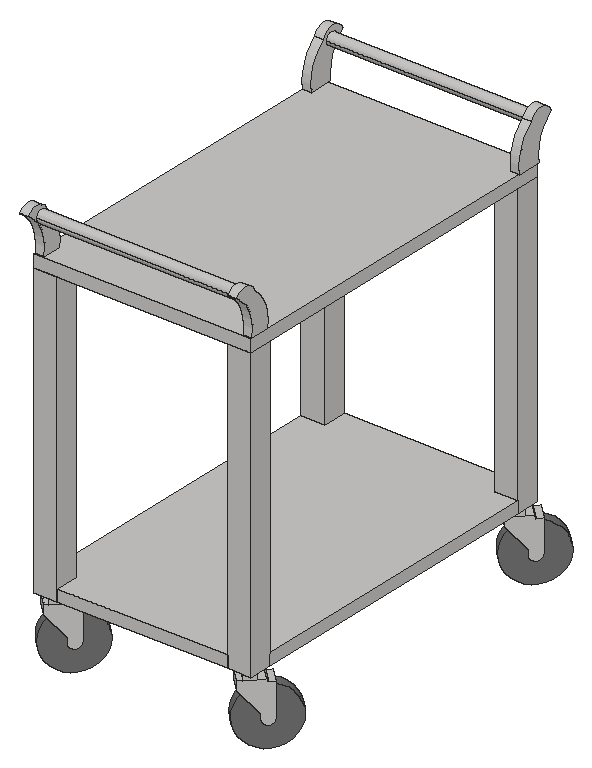
Revit family "QF_Vollrath_97101", category Specialty Equipment, Revit 2016
Family settings
  Part Type = Normal
  Round Connector Dimension = Use Diameter
  OmniClass Number = 23.40.40.14.17
  OmniClass Title = Food Cooking Equipment
  Work Plane-Based = No
  Always vertical = Yes
  Cut with Voids When Loaded = No
  Shared = No
  Room Calculation Point = No
Parameters (values of type "97101")
  Width [instance] = 18.51"
  Weight in Pounds = 38
  Watermarked By = "http://revitwatermark.com"
  URL Cutsheet = ""
  URL = ""
  Status [instance] = ""
  Specification by User [instance] = ""
  Specification by Manufacturer [instance] = ""
  Serial Number [instance] = ""
  Seismic Rating [instance] = ""
  Revision Code [instance] = ""
  NAFEM Spec ID Number [instance] = ""
  Model = "97101"
  Masterspec = ""
  Manufacturer = "Vollrath"
  Item Number [instance] = "-"
  Installed By [instance] = ""
  Identify Quantity as Lot [instance] = no
  Furnished By [instance] = ""
  Foodservice Equipment Identifier [instance] = yes
  Description = "Cart, Utility"
  Depth [instance] = 39.25"
  CSI MasterFormat = "11 48 13"
  Assembly Code = "E1090320"
Reference planes (in)
  plane 1 "BACK": y = -4.62
  plane 2: z = 0
  plane 3 "LEFT": x = 0
  plane 4 "RIGHT": x = 18.51
  plane 5 "FRONT": y = -35.12
  plane 6: z = 6
  plane 7: z = 7
  plane 8: x = 2
  plane 9: y = -6.62
  plane 10: x = 16.51
  plane 11: y = -33.12
  plane 12: y = -19.87
  plane 13 "TOP": z = 36
  plane 14: x = 0.75
  plane 15: y = -3.15217
  plane 16: y = -36.58783
Forms (in)
  Extrusion 1, solid, material "QF_Finishes_Stainless Steel"
    sketch origin (0, 0, 41.59405) x (-1, 0, 0) y (0, -1, 0)
      loop
        line (0, 4.62) -> (0, 35.12) -> (-18.51, 35.12) -> (-18.51, 4.62) -> (0, 4.62)
    from -10.77 to -9.75
  Extrusion 2, solid, material "QF_Finishes_Stainless Steel"
    sketch origin (0, 0, 16.75) x (-1, 0, 0) y (0, -1, 0)
      loop
        line (0, 4.62) -> (0, 6.62) -> (-2, 6.62) -> (-2, 4.62) -> (0, 4.62)
      loop
        line (-16.51, 4.62) -> (-16.51, 6.62) -> (-18.51, 6.62) -> (-18.51, 4.62) -> (-16.51, 4.62)
      loop
        line (-16.51, 33.12) -> (-16.51, 35.12) -> (-18.51, 35.12) -> (-18.51, 33.12) -> (-16.51, 33.12)
      loop
        line (0, 33.12) -> (0, 35.12) -> (-2, 35.12) -> (-2, 33.12) -> (0, 33.12)
    from -10.75 to 14.07405
  Extrusion 3, solid, material "QF_Finishes_Stainless Steel"
    sketch origin (0, 0, 16.75) x (-1, 0, 0) y (0, -1, 0)
      loop
        line (-2, 4.62) -> (-2, 6.62) -> (0, 6.62) -> (0, 33.12) -> (-2, 33.12) -> (-2, 35.12) -> (-16.51, 35.12) -> (-16.51, 33.12) -> (-18.51, 33.12) -> (-18.51, 6.62) -> (-16.51, 6.62) -> (-16.51, 4.62) -> (-2, 4.62)
    from -10.75 to -9.75
  Extrusion 4, solid, material "QF_Finishes_Stainless Steel"
    sketch origin (0, 0.16, -0.17595) x (0, 1, 0) y (0, 0, 1)
      loop
        arc (-4.62, 32.02) -> (-4.43442, 33.935) -> (-3.31217, 35.49776) r 3.69906
        arc (-3.31217, 35.49776) -> (-4.31217, 36.17595) -> (-5.31217, 35.49776) r 1.07635
        arc (-5.31217, 35.49776) -> (-6.43442, 33.935) -> (-6.62, 32.02) r 3.69906
        line (-6.62, 32.02) -> (-4.62, 32.02)
    from 0 to 0.75294
  Extrusion 5, solid, material "QF_Finishes_Stainless Steel"
    sketch origin (17.75706, 0.16, -0.17595) x (0, 1, 0) y (0, 0, 1)
      loop
        arc (-4.62, 32.02) -> (-4.43442, 33.935) -> (-3.31217, 35.49776) r 3.69906
        arc (-3.31217, 35.49776) -> (-4.31217, 36.17595) -> (-5.31217, 35.49776) r 1.07635
        arc (-5.31217, 35.49776) -> (-6.43442, 33.935) -> (-6.62, 32.02) r 3.69906
        line (-6.62, 32.02) -> (-4.62, 32.02)
    from 0 to 0.75294
  Extrusion 6, solid, material "QF_Finishes_Stainless Steel"
    sketch origin (0, 0, 0) x (0, 1, 0) y (0, 0, 1)
      loop
        circle (-4.42092, 35.15325) r 0.5
    from 0.75294 to 17.75706
  Extrusion 7, solid, material "QF_Finishes_Stainless Steel"
    sketch origin (0, -42.9775, -0.17595) x (0, -1, 0) y (0, 0, -1)
      loop
        line (-8.03569, -32.02) -> (-9.58733, -32.02)
        arc (-9.58733, -32.02) -> (-9.40671, -33.97085) -> (-8.26275, -35.56138) r 3.73203
        arc (-8.26275, -35.56138) -> (-7.38394, -36.24622) -> (-6.38966, -35.74351) r 1.04036
        arc (-6.38966, -35.74351) -> (-7.771, -34.12857) -> (-8.03569, -32.02) r 3.69906
    from 0 to 0.75294
  Extrusion 8, solid, material "QF_Finishes_Stainless Steel"
    sketch origin (17.75706, -42.96379, -0.17595) x (0, -1, 0) y (0, 0, -1)
      loop
        line (-7.99308, -32.02) -> (-9.58511, -32.02)
        arc (-9.58511, -32.02) -> (-9.40407, -33.96802) -> (-8.26181, -35.55634) r 3.7294
        arc (-8.26181, -35.55634) -> (-7.37256, -36.24175) -> (-6.37595, -35.72472) r 1.04418
        arc (-6.37595, -35.72472) -> (-7.73532, -34.11279) -> (-7.99308, -32.02) r 3.69906
    from 0 to 0.75294
  Extrusion 9, solid, material "QF_Finishes_Stainless Steel"
    sketch origin (0, -42.68, 0) x (0, -1, 0) y (0, 0, -1)
      loop
        circle (-7.36092, -35.15325) r 0.5
    from 0.75294 to 17.75706
Lines and regions (in)
  symbolic lines
    curve 1: line (0, -4.62, 16.75) -> (0, -35.12, 16.75)
    curve 2: line (18.51, -36.58783, 16.75) -> (18.51, -4.62, 16.75)
    curve 3: line (18.51, -36.58783, 16.75) -> (17.75706, -36.58783, 16.75)
    curve 4: line (17.75706, -36.58783, 16.75) -> (17.75706, -35.81908, 16.75)
    curve 5: line (17.75706, -35.81908, 16.75) -> (0.75294, -35.81908, 16.75)
    curve 6: line (0.75294, -35.81908, 16.75) -> (0.75294, -36.58783, 16.75)
    curve 7: line (0.75294, -36.58783, 16.75) -> (0, -36.58783, 16.75)
    curve 8: line (0, -36.58783, 16.75) -> (0, -35.12, 16.75)
    curve 9: line (0.71187, -35.12, 16.75) -> (0.71187, -34.81908, 16.75)
    curve 10: line (0.71187, -34.81908, 16.75) -> (17.75706, -34.81908, 16.75)
    curve 11: line (17.75706, -34.81908, 16.75) -> (17.75706, -35.12, 16.75)
    curve 12: line (17.75706, -35.12, 16.75) -> (0.71187, -35.12, 16.75)
    curve 13: line (18.51, -4.62, 16.75) -> (18.51, -3.15217, 16.75)
    curve 14: line (18.51, -3.15217, 16.75) -> (17.75706, -3.15217, 16.75)
    curve 15: line (17.75706, -3.15217, 16.75) -> (17.75706, -3.92092, 16.75)
    curve 16: line (17.75706, -3.92092, 16.75) -> (0.75294, -3.92092, 16.75)
    curve 17: line (0.75294, -3.92092, 16.75) -> (0.75294, -3.15217, 16.75)
    curve 18: line (0.75294, -3.15217, 16.75) -> (0, -3.15217, 16.75)
    curve 19: line (0, -3.15217, 16.75) -> (0, -4.62, 16.75)
    curve 20: line (0.75, -4.62, 16.75) -> (0.75, -4.92092, 16.75)
    curve 21: line (0.75, -4.92092, 16.75) -> (17.75706, -4.92092, 16.75)
    curve 22: line (17.75706, -4.92092, 16.75) -> (17.75706, -4.62, 16.75)
    curve 23: line (17.75706, -4.62, 16.75) -> (0.75, -4.62, 16.75)
Dimensions and locks (in)
  "Width": plane 3 "LEFT" to plane 4 "RIGHT"
  plane 9 to plane 1 "BACK" = 2.00"
  locked: plane 5 "FRONT" to plane 11 at 2
  plane 3 "LEFT" to plane 8 = 2.00"
  locked: plane 10 to plane 4 "RIGHT" at 2
  plane 5 "FRONT" to plane 1 "BACK" = 30.50"
  plane 13 "TOP" to level = 36.00"
  equal spacing: plane 1 "BACK", plane 12, plane 5 "FRONT"
  aligned and locked: level to plane 2
  aligned and locked: Extrusion 2 sketch curve to plane 9  (x2)
  aligned and locked: Extrusion 2 sketch curve to plane 8  (x2)
  aligned and locked: plane 1 "BACK" to Extrusion 2 sketch curve
  aligned and locked: plane 10 to Extrusion 2 sketch curve  (x2)
  aligned and locked: Extrusion 2 sketch curve to plane 4 "RIGHT"
  aligned and locked: plane 11 to Extrusion 2 sketch curve  (x2)
  aligned and locked: plane 3 "LEFT" to Extrusion 2 sketch curve
  aligned and locked: Extrusion 2 sketch curve to plane 5 "FRONT"
Automatic sketch dimensions
  Extrusion 2 sketch curve to plane 4 "RIGHT" = 0.00"
  Extrusion 2 sketch curve to plane 3 "LEFT" = 0.00"
  plane 1 "BACK" to Extrusion 2 sketch curve = 0.00"
  plane 5 "FRONT" to Extrusion 2 sketch curve = 0.00"
  Extrusion 3 sketch curve to plane 4 "RIGHT" = 0.00"
  Extrusion 3 sketch curve to plane 10 = 0.00"  (x2)
  plane 1 "BACK" to Extrusion 3 sketch curve = 0.00"
  Extrusion 3 sketch curve to plane 8 = 0.00"  (x2)
  plane 5 "FRONT" to Extrusion 3 sketch curve = 0.00"
  Extrusion 3 sketch curve to plane 3 "LEFT" = 0.00"
  plane 9 to Extrusion 3 sketch curve = 0.00"  (x2)
  plane 11 to Extrusion 3 sketch curve = 0.00"  (x2)
  Extrusion 4 sketch curve to plane 9 = 0.16"
  Extrusion 4 sketch curve to plane 1 "BACK" = 0.16"
  plane 1 "BACK" to Extrusion 4 sketch curve = 0.53217"
  Extrusion 4 sketch curve to plane 1 "BACK" = 0.46783"
  Extrusion 4 sketch curve to plane 13 "TOP" = 0.67818"
  Extrusion 4 sketch curve to Extrusion 4 sketch curve = 1.00"
  Extrusion 4 sketch curve to plane 1 "BACK" = 1.80791"
  Extrusion 4 sketch curve to Extrusion 4 sketch curve = 2.00"
  Extrusion 4 sketch curve to Extrusion 4 sketch curve = 0.39817"
  Extrusion 4 sketch curve to Extrusion 4 sketch curve = 2.86479"
  Extrusion 5 sketch curve to plane 9 = 0.16"
  Extrusion 5 sketch curve to plane 1 "BACK" = 0.16"
  plane 1 "BACK" to Extrusion 5 sketch curve = 0.53217"
  Extrusion 5 sketch curve to plane 1 "BACK" = 0.46783"
  Extrusion 5 sketch curve to plane 13 "TOP" = 0.67818"
  Extrusion 5 sketch curve to Extrusion 5 sketch curve = 1.00"
  Extrusion 5 sketch curve to plane 1 "BACK" = 1.80791"
  Extrusion 5 sketch curve to Extrusion 5 sketch curve = 2.00"
  Extrusion 5 sketch curve to plane 13 "TOP" = 1.07635"
  Extrusion 5 sketch curve to Extrusion 5 sketch curve = 2.86479"
  Extrusion 6 sketch curve to plane 1 "BACK" = 0.19908"
  Extrusion 6 sketch curve to plane 13 "TOP" = 0.84675"
  Extrusion 7 sketch curve to plane 11 = 0.27016"
  plane 5 "FRONT" to Extrusion 7 sketch curve = 0.17819"
  plane 5 "FRONT" to Extrusion 7 sketch curve = 0.40525"
  Extrusion 7 sketch curve to plane 5 "FRONT" = 0.57424"
  plane 13 "TOP" to Extrusion 7 sketch curve = 0.43244"
  Extrusion 7 sketch curve to Extrusion 7 sketch curve = 0.89359"
  Extrusion 7 sketch curve to plane 5 "FRONT" = 1.94631"
  Extrusion 7 sketch curve to Extrusion 7 sketch curve = 1.52341"
  Extrusion 7 sketch curve to Extrusion 7 sketch curve = 0.35064"
  Extrusion 7 sketch curve to Extrusion 7 sketch curve = 3.11054"
  plane 11 to Extrusion 8 sketch curve = 0.25867"
  Extrusion 8 sketch curve to plane 5 "FRONT" = 0.1493"
  Extrusion 8 sketch curve to plane 5 "FRONT" = 0.41802"
  plane 5 "FRONT" to Extrusion 8 sketch curve = 0.56409"
  Extrusion 8 sketch curve to plane 13 "TOP" = 0.45122"
  Extrusion 8 sketch curve to Extrusion 8 sketch curve = 0.90375"
  plane 5 "FRONT" to Extrusion 8 sketch curve = 1.93257"
  Extrusion 8 sketch curve to Extrusion 8 sketch curve = 1.56605"
  Extrusion 8 sketch curve to Extrusion 8 sketch curve = 0.52302"
  Extrusion 8 sketch curve to Extrusion 8 sketch curve = 3.09175"
  Extrusion 9 sketch curve to plane 5 "FRONT" = 0.19908"
  plane 13 "TOP" to Extrusion 9 sketch curve = 0.84675"
  Extrusion 1 sketch curve to plane 4 "RIGHT" = 0.00"
  Extrusion 1 sketch curve to plane 3 "LEFT" = 0.00"
  plane 1 "BACK" to Extrusion 1 sketch curve = 0.00"
  plane 5 "FRONT" to Extrusion 1 sketch curve = 0.00"
  plane 1 "BACK" to curve 13 = 0.00"
  curve 13 to plane 4 "RIGHT" = 0.00"
  plane 15 to curve 15 = 0.00"
  curve 4 to plane 16 = 0.00"
  plane 5 "FRONT" to curve 12 = 0.00"
  plane 15 to curve 17 = 0.00"
  curve 7 to plane 16 = 0.00"
  curve 23 to plane 14 = 0.00"
  curve 19 to plane 3 "LEFT" = 0.00"
  plane 1 "BACK" to curve 20 = 0.00"
  plane 1 "BACK" to curve 19 = 0.00"
  plane 5 "FRONT" to curve 8 = 0.00"
  curve 4 to plane 4 "RIGHT" = 0.75294"
  curve 13 to curve 15 = 0.75294"
  curve 23 to curve 15 = 0.00"
  curve 10 to plane 5 "FRONT" = 0.30092"
  curve 10 to plane 4 "RIGHT" = 0.75294"
  plane 14 to curve 16 = 0.00294"
  plane 14 to curve 7 = 0.00294"
  curve 9 to plane 14 = 0.03813"
  curve 16 to curve 22 = 0.69908"
  plane 1 "BACK" to curve 21 = 0.30092"
  plane 5 "FRONT" to curve 5 = 0.69908"
  radius of Extrusion 6 sketch curve = 0.50"
  radius of Extrusion 9 sketch curve = 0.50"
Nested families (in)
  nested 1: "FESCaster" at (1.25, -5.60981, 0), type "FESCaster"
    with Height 6.00", Caster Radius 2.50"
  nested 2: "FESCaster" at (17.5, -5.60981, 0), type "FESCaster"
    with Height 6.00", Caster Radius 2.50"
  nested 3: "FESCaster" at (17.5, -34.11977, 0), type "FESCaster"
    with Height 6.00", Caster Radius 2.50"
  nested 4: "FESCaster" at (1, -34.11977, 0), type "FESCaster"
    with Height 6.00", Caster Radius 2.50"
Definition of nested family "FESCaster"
  Parameters
    Watermarked By = "http://revitwatermark.com"
    Type Comments = "⍁⍉⌁⌀⏭⎽⌇⍠⌜⍉⎖⌥⌦⌯⍭⏊⍻⍿⍊⏵⍊⏗⏠⍴⎡⌈⎀⍠⌓⌤⏘⎐⍀⌐⏬⏁⎈⏍⏦⎒⏬⌝⍩⍇⌣〈⎫〉⎁⏊⍥⍖⍥⍝⍦⌖⍀⏌⏭⎝⎼⏷⏞⍻⏯⎽⏷⏞⍻⏯⎽⏷⎺⌻⎝⍎⌧⏷⏟⏿⌿⍜⍦⍤⌁⍬⏶⏎⍊⏚⏉⎞⌡⎀⎪⏈⌟⌿⍾⍼⌟⌿⌢⌞⏞⏝⌻⎸⎻⎷⎳⎻⎛⌞⌼⏚⍿⏸⍨⏷⍡⍺⏼⏅⎏⌽⌻⍽⎝⍮⎧⍏⏳⏲⎼⏈⏋⏙⎏⏽⏘⍹⏞⌜⏼⍴⏶⏮⏿⌁"
    Height [instance] = 6.00"
    Caster Radius [instance] = if(Height < 3.00", 1.00", (Height / 2) - 0.50")  # 2.50"
    Assembly Code = ""
  Reference planes (in)
    plane 1 "Center (Front/Back)": y = 0
    plane 2: z = 0
    plane 3 "Center (Left/Right)": x = 0
    plane 4: z = 6
    plane 5: z = 5.5
  Forms (in)
    Extrusion 1, solid
      sketch origin (-24.12131, -22.88887, 10.18833) x (0.707107, 0.707107, 0) y (0, 0, 1)
        loop
          line (34.98772, -7.68833) -> (34.98772, -4.93833) -> (34.48772, -4.93833) -> (34.39402, -4.68833) -> (32.39402, -4.68833) -> (32.39402, -5.43833) -> (33.98772, -7.34206) -> (33.98772, -7.68833)
          arc (33.98772, -7.68833) -> (34.48772, -8.18833) -> (34.98772, -7.68833) r 0.5
      from 0 to 1.75
    Extrusion 2, solid
      sketch origin (-24.32327, -23.09083, 13.31461) x (0.707107, 0.707107, 0) y (0, 0, 1)
        loop
          circle (34.77334, -10.81461) r 2.5
      from 0.375 to 1.375
    Extrusion 3, solid
      sketch origin (-7.24148, -8.48391, 0) x (0.707107, 0.707107, 0) y (0, 0, 1)
        loop
          line (10.61603, 5.5) -> (11.61603, 5.5) -> (11.61603, 6) -> (10.61603, 6) -> (10.61603, 5.5)
      from 0 to -1.75
  Lines and regions (in)
    symbolic lines
      curve 1: line (-1.26158, -0.51911, 0) -> (1.39007, 2.13254, 0)
      curve 2: line (-0.53429, -1.24639, 0) -> (2.11736, 1.40526, 0)
      curve 3: line (-1.26158, -0.51911, 0) -> (1.39007, 2.13254, 0)
      curve 4: line (-0.53429, -1.24639, 0) -> (2.11736, 1.40526, 0)
  Dimensions and locks (in)
    locked: plane 4 to plane 5 at 0.5
    "Height": plane 4 to level
    "Caster Radius": Extrusion 2 sketch curve to level
    "Caster Radius": Extrusion 1 sketch curve to level
    "Caster Radius": radius of Extrusion 2 sketch curve
    aligned and locked: plane 2 to level
    aligned and locked: Extrusion 3 to plane 5
    aligned and locked: plane 4 to Extrusion 3
    aligned and locked: plane 5 to Extrusion 1
  Automatic sketch dimensions
    plane 1 "Center (Front/Back)" to curve 3 = 0.51911"
    curve 3 to plane 3 "Center (Left/Right)" = 1.26158"
    plane 1 "Center (Front/Back)" to curve 1 = 0.51911"
    curve 1 to curve 3 = 0.00"  (x3)
    curve 4 to plane 3 "Center (Left/Right)" = 0.53429"
    curve 2 to curve 4 = 0.00"  (x2)
    plane 3 "Center (Left/Right)" to curve 3 = 1.39007"
    curve 1 to curve 4 = 0.72729"
    curve 2 to curve 1 = 0.72729"
    curve 4 to curve 2 = 0.00"  (x2)
    curve 2 to plane 1 "Center (Front/Back)" = 1.40526"
    curve 2 to curve 3 = 0.72729"
    plane 5 to Extrusion 1 sketch curve = 0.00"
    Extrusion 1 sketch curve to Extrusion 1 sketch curve = 1.5937"
    Extrusion 1 sketch curve to Extrusion 1 sketch curve = 2.00"
    Extrusion 1 sketch curve to Extrusion 1 sketch curve = 0.0937"
    Extrusion 1 sketch curve to Extrusion 1 sketch curve = 0.50"
    Extrusion 1 sketch curve to Extrusion 1 sketch curve = 0.34627"
    Extrusion 1 sketch curve to plane 5 = 0.75"
    Extrusion 1 sketch curve to plane 5 = 0.25"
    Extrusion 3 sketch curve to plane 5 = 0.00"
    plane 4 to Extrusion 3 sketch curve = 0.00"
    Extrusion 3 sketch curve to Extrusion 3 sketch curve = 1.00"
